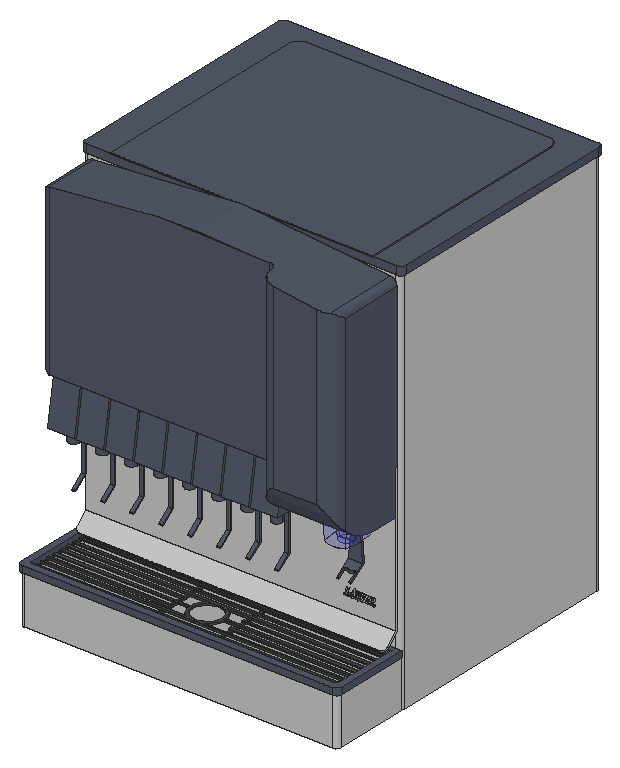
Revit family "QF_LANCER_SENSATION", category Specialty Equipment, Revit 2012
Parameters
  Weight in Pounds = 0
  Watts = 0 W
  Waste Water Discharge Temperature [instance] = -459.67 °F
  Volts = 115 V
  URL Cutsheet = "www.lancercorp.com"
  URL = "www.lancercorp.com"
  Type Mark [instance] = ""
  Status [instance] = ""
  Specification by User [instance] = ""
  Specification by Manufacturer = ""
  Show Clearance [instance] = yes
  Serial Number = ""
  Seismic Rating = ""
  SMACNA No = ""
  Revision Code [instance] = ""
  Plumbing Remarks [instance] = ""
  Plumbing Connection Type [instance] = ""
  Phase = 1
  Omniclass Number and Title = ""
  Number of Poles [instance] = 1
  NAFEM Spec ID Number = ""
  Model = "SENSATION"
  Min Ckt Ampacity = 0 A
  Max Overcurrent Protection = 0 A
  Masterspec = ""
  Manufacturer = "LANCER"
  Item Number [instance] = ""
  Installed By [instance] = ""
  Indirect Waste Size = 3/4"
  Indirect Waste Flow [instance] = 0 GPM
  Indirect Waste Connection Type [instance] = ""
  Indirect Waste Connection Height = 0"
  Identify Quantity as Lot [instance] = yes
  HP = ""
  Furnished By [instance] = ""
  Foodservice Equipment Identifier [instance] = yes
  FL Amps = 3 A
  Electrical Remarks [instance] = ""
  Electric Connection Type [instance] = ""
  Elec Conn RI Height [instance] = 0"
  Elec Conn Connection Height [instance] = 0"
  Description = "LANCER CHEWABLE ICE BEVERAGE DISPENSER"
  Cycle = 60 Hz
  Conn Plug = ""
  Conn Conduit = yes
  Cold Water Temperature Recommended [instance] = 0 °F
  Cold Water Size = 3/8"
  Cold Water RI Height [instance] = 0"
  Cold Water Minimum Pressure = 0.00 psi
  Cold Water Maximum Pressure = 0.00 psi
  Cold Water Flow [instance] = 0 GPM
  Cold Water Consumption = ""
  Cold Water Connection Height = 0"
  CSI MasterFormat = ""
  CSI Master Format = ""
  Apparent Power = if(Phase = 3, Volts * FL Amps * 1.73, Volts * FL Amps)  # 345 VA
Reference planes (in)
  plane 1 "BACK": y = 0
  plane 2: z = 0
  plane 3 "LEFT": x = 0
  plane 4 "RIGHT": x = 30
  plane 5 "FRONT": y = -31
  plane 6 "TOP": z = 37.25
  plane 7: x = 15
  plane 8: y = -15.5
  plane 9: y = -23.5
  plane 10: z = 5.125
  plane 11: z = 18.625
Forms (in)
  Extrusion 1, solid, material "QF_Finishes_Stainless Steel"
    sketch origin (0, 0, 0) x (1, 0, 0) y (0, 1, 0)
      loop
        line (0.625, -24) -> (0.625, -30.125)
        arc (0.625, -30.125) -> (0.69822, -30.30178) -> (0.875, -30.375) r 0.25
        line (0.875, -30.375) -> (29.125, -30.375)
        arc (29.125, -30.375) -> (29.30178, -30.30178) -> (29.375, -30.125) r 0.25
        line (29.375, -30.125) -> (29.375, -24) -> (0.625, -24)
    from 0 to 0.5
  Extrusion 2, solid, material "QF_Finishes_Navy Blue"
    sketch origin (-4.83017, -180, 5.125) x (-1, 0, 0) y (0, -1, 0)
      loop
        line (-4.83017, -156.5) -> (-4.83017, -149.5)
        arc (-4.83017, -149.5) -> (-4.97662, -149.14645) -> (-5.33017, -149) r 0.5
        line (-5.33017, -149) -> (-34.33017, -149)
        arc (-34.33017, -149) -> (-34.68372, -149.14645) -> (-34.83017, -149.5) r 0.5
        line (-34.83017, -149.5) -> (-34.83017, -156.5) -> (-4.83017, -156.5)
      loop
        line (-34.20517, -156) -> (-5.45517, -156) -> (-5.45517, -149.875)
        arc (-5.45517, -149.875) -> (-5.52839, -149.69822) -> (-5.70517, -149.625) r 0.25
        line (-5.70517, -149.625) -> (-33.95517, -149.625)
        arc (-33.95517, -149.625) -> (-34.13195, -149.69822) -> (-34.20517, -149.875) r 0.25
        line (-34.20517, -149.875) -> (-34.20517, -156)
    from 0 to -0.59152
  Extrusion 3, solid, material "QF_Finishes_Stainless Steel"
    sketch origin (0, 0, 0) x (1, 0, 0) y (0, 1, 0)
      loop
        arc (0.625, -0.125) -> (0.27145, -0.27145) -> (0.125, -0.625) r 0.5
        line (0.125, -0.625) -> (0.125, -23)
        arc (0.125, -23) -> (0.27145, -23.35355) -> (0.625, -23.5) r 0.5
        line (0.625, -23.5) -> (29.375, -23.5)
        arc (29.375, -23.5) -> (29.72855, -23.35355) -> (29.875, -23) r 0.5
        line (29.875, -23) -> (29.875, -0.625)
        arc (29.875, -0.625) -> (29.72855, -0.27145) -> (29.375, -0.125) r 0.5
        line (29.375, -0.125) -> (0.625, -0.125)
    from 0 to 36.41257
  Extrusion 4, solid, material "QF_Finishes_Navy Blue"
    sketch origin (0, 0, 36.41257) x (1, 0, 0) y (0, 1, 0)
      loop
        line (29.5, 0) -> (0.5, 0)
        arc (0.5, 0) -> (0.14645, -0.14645) -> (0, -0.5) r 0.5
        line (0, -0.5) -> (0, -23)
        arc (0, -23) -> (0.14645, -23.35355) -> (0.5, -23.5) r 0.5
        line (0.5, -23.5) -> (29.5, -23.5)
        arc (29.5, -23.5) -> (29.85355, -23.35355) -> (30, -23) r 0.5
        line (30, -23) -> (30, -0.5)
        arc (30, -0.5) -> (29.85355, -0.14645) -> (29.5, 0) r 0.5
    from 0 to 0.75
  Extrusion 5, solid, material "QF_Finishes_Stainless Steel"
    sketch origin (15, 11.66928, 48) x (0, 1, 0) y (0, 0, 1)
      loop
        line (-35.16928, -27.625) -> (-35.29428, -27.625) -> (-35.29428, -41.36988) -> (-36.2238, -42.2994) -> (-36.13541, -42.38779) -> (-35.16928, -41.42166) -> (-35.16928, -27.625)
    from -14.5 to 14.5
  Extrusion 6, solid, material "QF_Finishes_Stainless Steel"
    sketch origin (15, -24.55452, 5.7006) x (0, 0.707107, 0.707107) y (-1, 0, 0)
      loop
        arc (0, 14.5) -> (-0.35355, 14.35355) -> (-0.5, 14) r 0.5
        line (-0.5, 14) -> (-0.5, -14)
        arc (-0.5, -14) -> (-0.35355, -14.35355) -> (0, -14.5) r 0.5
        line (0, -14.5) -> (0, 14.5)
    from 0 to -0.125
  Extrusion 7, solid, material "QF_Finishes_Black"
    sketch origin (0, 0, 4.53348) x (1, 0, 0) y (0, 1, 0)
      loop
        line (0.625, -24) -> (0.625, -30.125)
        arc (0.625, -30.125) -> (0.69822, -30.30178) -> (0.875, -30.375) r 0.25
        line (0.875, -30.375) -> (29.125, -30.375)
        arc (29.125, -30.375) -> (29.30178, -30.30178) -> (29.375, -30.125) r 0.25
        line (29.375, -30.125) -> (29.375, -24) -> (0.625, -24)
      loop
        line (0.875, -24.25) -> (0.875, -30.125) -> (11.96044, -30.125) -> (11.96044, -24.25) -> (0.875, -24.25)
      loop
        line (17.78726, -30.125) -> (17.78726, -24.25) -> (12.21274, -24.25) -> (12.21274, -30.125) -> (17.78726, -30.125)
      loop
        line (29.125, -24.25) -> (18.03956, -24.25) -> (18.03956, -30.125) -> (29.125, -30.125) -> (29.125, -24.25)
    from 0 to 0.125
  Extrusion 8, solid, material "QF_Finishes_Black"
    sketch origin (0, 0, 4.65848) x (1, 0, 0) y (0, 1, 0)
      loop
        line (0.6875, -24.4375) -> (0.6875, -24.6875) -> (29.3125, -24.6875) -> (29.3125, -24.4375) -> (0.6875, -24.4375)
      loop
        line (0.6875, -25.1875) -> (0.6875, -25.4375) -> (14.88453, -25.4375) -> (29.3125, -25.4375) -> (29.3125, -25.1875) -> (15.35712, -25.1875) -> (0.6875, -25.1875)
      loop
        line (0.6875, -25.93032) -> (0.6875, -26.18032) -> (14.13851, -26.18032)
        arc (14.13851, -26.18032) -> (13.62085, -26.71026) -> (13.39544, -27.41595) r 1.60932
        line (13.39544, -27.41595) -> (0.6875, -27.41595) -> (0.6875, -27.66595) -> (13.39564, -27.66595)
        arc (13.39564, -27.66595) -> (13.62279, -28.37225) -> (14.14265, -28.90158) r 1.60932
        line (14.14265, -28.90158) -> (0.6875, -28.90158) -> (0.6875, -29.15158) -> (15, -29.15158) -> (29.3125, -29.15158) -> (29.3125, -28.90158) -> (15.85735, -28.90158)
        arc (15.85735, -28.90158) -> (16.37721, -28.37225) -> (16.60436, -27.66595) r 1.60932
        line (16.60436, -27.66595) -> (29.3125, -27.66595) -> (29.3125, -27.41595) -> (16.60456, -27.41595)
        arc (16.60456, -27.41595) -> (16.37915, -26.71026) -> (15.86149, -26.18032) r 1.60932
        line (15.86149, -26.18032) -> (29.3125, -26.18032) -> (29.3125, -25.93032) -> (15, -25.93032) -> (0.6875, -25.93032)
      loop
        line (0.6875, -26.67313) -> (0.6875, -26.92313) -> (12.30419, -26.92313) -> (12.30419, -26.67313) -> (0.6875, -26.67313)
      loop
        line (0.6875, -28.15877) -> (0.6875, -28.40877) -> (12.30419, -28.40877) -> (12.30419, -28.15877) -> (0.6875, -28.15877)
      loop
        line (0.6875, -29.6444) -> (0.6875, -29.8944) -> (15.08937, -29.8944) -> (29.3125, -29.8944) -> (29.3125, -29.6444) -> (14.75382, -29.6444) -> (0.6875, -29.6444)
      loop
        circle (15, -27.53964) r 1.35932
      loop
        line (29.3125, -26.67313) -> (17.69581, -26.67313) -> (17.69581, -26.92313) -> (29.3125, -26.92313) -> (29.3125, -26.67313)
      loop
        line (29.3125, -28.15877) -> (17.69581, -28.15877) -> (17.69581, -28.40877) -> (29.3125, -28.40877) -> (29.3125, -28.15877)
    from 0 to 0.125
  Extrusion 9, solid, material "QF_Finishes_Stainless Steel"
    sketch origin (0, 0, 0) x (1, 0, 0) y (0, 1, 0)
      loop
        line (0.125, -23.5) -> (0.125, -30.375)
        arc (0.125, -30.375) -> (0.27145, -30.72855) -> (0.625, -30.875) r 0.5
        line (0.625, -30.875) -> (29.375, -30.875)
        arc (29.375, -30.875) -> (29.72855, -30.72855) -> (29.875, -30.375) r 0.5
        line (29.875, -30.375) -> (29.875, -23.5) -> (0.125, -23.5)
      loop
        line (0.625, -24) -> (0.625, -30.125)
        arc (0.625, -30.125) -> (0.69822, -30.30178) -> (0.875, -30.375) r 0.25
        line (0.875, -30.375) -> (29.125, -30.375)
        arc (29.125, -30.375) -> (29.30178, -30.30178) -> (29.375, -30.125) r 0.25
        line (29.375, -30.125) -> (29.375, -24) -> (0.625, -24)
    from 0 to 4.53348
  Extrusion 10, solid, material "QF_Finishes_Navy Blue"
    sketch origin (-38.39759, -180, 37.25) x (-1, 0, 0) y (0, -1, 0)
      loop
        line (-38.89759, -156.5) -> (-38.89759, -152.01291)
        arc (-38.89759, -152.01291) -> (-39.11726, -151.48258) -> (-39.64759, -151.26291) r 0.75
        line (-39.64759, -151.26291) -> (-60.13468, -151.26291)
        arc (-60.13468, -151.26291) -> (-60.67414, -151.03946) -> (-60.89759, -150.5) r 0.76291
        arc (-60.89759, -150.5) -> (-61.33693, -149.43934) -> (-62.39759, -149) r 1.5
        line (-62.39759, -149) -> (-66.39759, -149)
        arc (-66.39759, -149) -> (-67.45825, -149.43934) -> (-67.89759, -150.5) r 1.5
        line (-67.89759, -150.5) -> (-67.89759, -156.5) -> (-38.89759, -156.5)
    from 0.35363 to -21.125
  Extrusion 11, solid, material "QF_Finishes_Navy Blue"
    sketch origin (0, 0, 37.16257) x (1, 0, 0) y (0, 1, 0)
      loop
        line (26.25, -1.75) -> (3.75, -1.75)
        arc (3.75, -1.75) -> (3.04289, -2.04289) -> (2.75, -2.75) r 1
        line (2.75, -2.75) -> (2.75, -23.5) -> (27.25, -23.5) -> (27.25, -2.75)
        arc (27.25, -2.75) -> (26.95711, -2.04289) -> (26.25, -1.75) r 1
    from 0 to 0.08743
  Extrusion 12, void
    sketch origin (0, -31, 0) x (-1, 0, 0) y (0, 0, 1)
      loop
        arc (-1.12277, 36.10968) -> (-0.67645, 35.85381) -> (-0.5, 35.37055) r 0.75
        line (-0.5, 35.37055) -> (-0.5, 34.79534) -> (0, 34.79534) -> (0, 39.79534) -> (-30, 39.79534) -> (-30, 34.79534) -> (-29.5, 34.79534) -> (-29.5, 35.37055)
        arc (-29.5, 35.37055) -> (-29.32355, 35.85381) -> (-28.87723, 36.10968) r 0.75
        arc (-28.87723, 36.10968) -> (-15, 37.29534) -> (-1.12277, 36.10968) r 81.80411
      loop
        line (-1.25, 20.375) -> (-21.5, 20.375)
        arc (-21.5, 20.375) -> (-22.20711, 20.08211) -> (-22.5, 19.375) r 1
        line (-22.5, 19.375) -> (-22.5, 16.125) -> (-0.5, 16.125) -> (-0.5, 21.125)
        arc (-0.5, 21.125) -> (-0.71967, 20.59467) -> (-1.25, 20.375) r 0.75
    from 0 to 7.5
  Extrusion 13, void
    sketch origin (30, 0, 0) x (0, -1, 0) y (0, 0, 1)
      loop
        line (23.5, 16.125) -> (23.5, 13.375) -> (33.25, 13.375) -> (33.25, 19.875) -> (31, 19.875)
        arc (31, 19.875) -> (29.125, 17.16667) -> (26, 16.125) r 5.20833
        line (26, 16.125) -> (23.5, 16.125)
    from 0 to 7.5
  Blend 14, solid, material "Glass"
    base sketch origin (15.05124, 0, -1.05967) x (1, 0, 0) y (0, 1, 0)
      loop
        line (12.03287, -23.21875) -> (9.96713, -23.21875)
        arc (9.96713, -23.21875) -> (9.79437, -24.82045) -> (10, -26.41827) r 6.85835
        arc (10, -26.41827) -> (11, -26.69108) -> (12, -26.41827) r 1.96919
        arc (12, -26.41827) -> (12.20563, -24.82045) -> (12.03287, -23.21875) r 6.85835
    top sketch origin (15.05124, 0, -1.05967) x (1, 0, 0) y (0, 1, 0)
      loop
        line (12.53753, -23.21875) -> (9.46247, -23.21875)
        arc (9.46247, -23.21875) -> (9.30335, -24.92716) -> (9.54461, -26.62593) r 7.35113
        arc (9.54461, -26.62593) -> (11, -27.11846) -> (12.45539, -26.62593) r 2.39657
        arc (12.45539, -26.62593) -> (12.69665, -24.92716) -> (12.53753, -23.21875) r 7.35113
    from 14.875 to 20.68815
  Revolve 15, solid, material "Glass"
    sketch origin (15.05124, -25, -1.05967) x (1, 0, 0) y (0, 0, 1)
      loop
        line (11, 20.27385) -> (11, 14.76752) -> (11.67263, 14.76752)
        arc (11.67263, 14.76752) -> (11.81786, 17.53473) -> (12.237, 20.27385) r 27.88536
        line (12.237, 20.27385) -> (11, 20.27385)
      axis (11, 14.76752) -> (11, 20.27385)
    angle from 0 to 360
  Extrusion 16, solid, material "QF_Finishes_Stainless Steel"
    sketch origin (15.05124, 0, -1.05967) x (1, 0, 0) y (0, 0, 1)
      loop
        line (10.02317, 14.875) -> (11.97683, 14.875) -> (12.58115, 20.68815) -> (9.41885, 20.68815) -> (10.02317, 14.875)
    from 23 to 23.21875
  Extrusion 17, solid, material "QF_Finishes_Navy Blue"
    sketch origin (0, 0, -0.18467) x (0, 1, 0) y (0, 0, 1)
      loop
        line (-27.44083, 19.80967) -> (-28.11716, 15.625) -> (-22.9375, 15.625) -> (-22.9375, 19.80967) -> (-27.44083, 19.80967)
    from 0.57258 to 3.07258
  Extrusion 18, solid, material "QF_Finishes_Navy Blue"
    sketch origin (0, 0, -1) x (1, 0, 0) y (0, 1, 0)
      loop
        circle (1.82258, -26.65163) r 0.5
    from 15.19033 to 16.44033
  Sweep 19, solid, material "QF_Finishes_Navy Blue"
    path origin (0, 0, -1) x (0, 1, 0) y (0, 0, 1)
      loop
        line (-25.46144, 16.44033) -> (-25.46144, 11.90908) -> (-26.65939, 11.00636)
    profile origin (0, -25.46144, 13.17471) x (1, 0, 0) y (0, 1, 0)
      loop
        line (1.63508, 0) -> (1.63508, -0.0625) -> (2.01008, -0.0625) -> (2.01008, 0) -> (1.63508, 0)
  Extrusion 20, solid, material "QF_Finishes_Navy Blue"
    sketch origin (10.81131, 0, -2.625) x (0, 1, 0) y (0, 0, 1)
      loop
        line (-24, 16.44033) -> (-24, 14.07158) -> (-25.43906, 13.10092) -> (-25.36916, 12.99729) -> (-23.875, 14.00511) -> (-23.875, 16.44033) -> (-24, 16.44033)
    from 14.59375 to 15.90625
  Extrusion 21, void
    sketch origin (15.05124, 0, -2.625) x (1, 0, 0) y (0, 1, 0)
      loop
        line (10.50557, -25.47981) -> (11.49443, -25.47981) -> (11.5317, -24.76869)
        arc (11.5317, -24.76869) -> (11.46175, -24.63985) -> (11.31519, -24.64369) r 0.14029
        arc (11.31519, -24.64369) -> (11, -24.73706) -> (10.68481, -24.64369) r 0.57872
        arc (10.68481, -24.64369) -> (10.53825, -24.63985) -> (10.4683, -24.76869) r 0.14029
        line (10.4683, -24.76869) -> (10.50557, -25.47981)
    from 12.74241 to 14.39164
  Extrusion 22, void
    sketch origin (15.05124, 0, -2.625) x (1, 0, 0) y (0, 0, 1)
      loop
        line (10.34491, 14.08822) -> (10.50939, 16.44033) -> (10.19702, 16.44033) -> (10.19702, 14.08822) -> (10.34491, 14.08822)
      loop
        line (11.65509, 14.08822) -> (11.80298, 14.08822) -> (11.80298, 16.44033) -> (11.49061, 16.44033) -> (11.65509, 14.08822)
    from 23.83187 to 24.10002
  Extrusion 23, solid, material "QF_Finishes_Stainless Steel"
    sketch origin (0.1875, 0, 1.69033) x (0, -1, 0) y (0, 0, 1)
      loop
        circle (21.79517, 20.31108) r 0.5
    from 0 to 0.0625
  Extrusion 24, solid, material "QF_Finishes_Navy Blue"
    sketch origin (19, 0, -0.18467) x (0, 1, 0) y (0, 0, 1)
      loop
        line (-27.44083, 19.80967) -> (-28.11716, 15.625) -> (-22.9375, 15.625) -> (-22.9375, 19.80967) -> (-27.44083, 19.80967)
    from 0.57258 to 3.07258
  Extrusion 25, solid, material "QF_Finishes_Navy Blue"
    sketch origin (19, 0, -1) x (1, 0, 0) y (0, 1, 0)
      loop
        circle (1.82258, -26.65163) r 0.5
    from 15.19033 to 16.44033
  Sweep 26, solid, material "QF_Finishes_Navy Blue"
    path origin (19, 0, -1) x (0, 1, 0) y (0, 0, 1)
      loop
        line (-25.46144, 16.44033) -> (-25.46144, 11.90908) -> (-26.65939, 11.00636)
    profile origin (19, -25.46144, 13.17471) x (1, 0, 0) y (0, 1, 0)
      loop
        line (1.63508, 0) -> (1.63508, -0.0625) -> (2.01008, -0.0625) -> (2.01008, 0) -> (1.63508, 0)
  Extrusion 27, solid, material "QF_Finishes_Navy Blue"
    sketch origin (2.71429, 0, -0.18467) x (0, 1, 0) y (0, 0, 1)
      loop
        line (-27.44083, 19.80967) -> (-28.11716, 15.625) -> (-22.9375, 15.625) -> (-22.9375, 19.80967) -> (-27.44083, 19.80967)
    from 0.57258 to 3.07258
  Extrusion 28, solid, material "QF_Finishes_Navy Blue"
    sketch origin (2.71429, 0, -1) x (1, 0, 0) y (0, 1, 0)
      loop
        circle (1.82258, -26.65163) r 0.5
    from 15.19033 to 16.44033
  Sweep 29, solid, material "QF_Finishes_Navy Blue"
    path origin (2.71429, 0, -1) x (0, 1, 0) y (0, 0, 1)
      loop
        line (-25.46144, 16.44033) -> (-25.46144, 11.90908) -> (-26.65939, 11.00636)
    profile origin (2.71429, -25.46144, 13.17471) x (1, 0, 0) y (0, 1, 0)
      loop
        line (1.63508, 0) -> (1.63508, -0.0625) -> (2.01008, -0.0625) -> (2.01008, 0) -> (1.63508, 0)
  Extrusion 30, solid, material "QF_Finishes_Navy Blue"
    sketch origin (5.42857, 0, -0.18467) x (0, 1, 0) y (0, 0, 1)
      loop
        line (-27.44083, 19.80967) -> (-28.11716, 15.625) -> (-22.9375, 15.625) -> (-22.9375, 19.80967) -> (-27.44083, 19.80967)
    from 0.57258 to 3.07258
  Extrusion 31, solid, material "QF_Finishes_Navy Blue"
    sketch origin (5.42857, 0, -1) x (1, 0, 0) y (0, 1, 0)
      loop
        circle (1.82258, -26.65163) r 0.5
    from 15.19033 to 16.44033
  Sweep 32, solid, material "QF_Finishes_Navy Blue"
    path origin (5.42857, 0, -1) x (0, 1, 0) y (0, 0, 1)
      loop
        line (-25.46144, 16.44033) -> (-25.46144, 11.90908) -> (-26.65939, 11.00636)
    profile origin (5.42857, -25.46144, 13.17471) x (1, 0, 0) y (0, 1, 0)
      loop
        line (1.63508, 0) -> (1.63508, -0.0625) -> (2.01008, -0.0625) -> (2.01008, 0) -> (1.63508, 0)
  Extrusion 33, solid, material "QF_Finishes_Navy Blue"
    sketch origin (8.14286, 0, -0.18467) x (0, 1, 0) y (0, 0, 1)
      loop
        line (-27.44083, 19.80967) -> (-28.11716, 15.625) -> (-22.9375, 15.625) -> (-22.9375, 19.80967) -> (-27.44083, 19.80967)
    from 0.57258 to 3.07258
  Extrusion 34, solid, material "QF_Finishes_Navy Blue"
    sketch origin (8.14286, 0, -1) x (1, 0, 0) y (0, 1, 0)
      loop
        circle (1.82258, -26.65163) r 0.5
    from 15.19033 to 16.44033
  Sweep 35, solid, material "QF_Finishes_Navy Blue"
    path origin (8.14286, 0, -1) x (0, 1, 0) y (0, 0, 1)
      loop
        line (-25.46144, 16.44033) -> (-25.46144, 11.90908) -> (-26.65939, 11.00636)
    profile origin (8.14286, -25.46144, 13.17471) x (1, 0, 0) y (0, 1, 0)
      loop
        line (1.63508, 0) -> (1.63508, -0.0625) -> (2.01008, -0.0625) -> (2.01008, 0) -> (1.63508, 0)
  Extrusion 36, solid, material "QF_Finishes_Navy Blue"
    sketch origin (10.85714, 0, -0.18467) x (0, 1, 0) y (0, 0, 1)
      loop
        line (-27.44083, 19.80967) -> (-28.11716, 15.625) -> (-22.9375, 15.625) -> (-22.9375, 19.80967) -> (-27.44083, 19.80967)
    from 0.57258 to 3.07258
  Extrusion 37, solid, material "QF_Finishes_Navy Blue"
    sketch origin (10.85714, 0, -1) x (1, 0, 0) y (0, 1, 0)
      loop
        circle (1.82258, -26.65163) r 0.5
    from 15.19033 to 16.44033
  Sweep 38, solid, material "QF_Finishes_Navy Blue"
    path origin (10.85714, 0, -1) x (0, 1, 0) y (0, 0, 1)
      loop
        line (-25.46144, 16.44033) -> (-25.46144, 11.90908) -> (-26.65939, 11.00636)
    profile origin (10.85714, -25.46144, 13.17471) x (1, 0, 0) y (0, 1, 0)
      loop
        line (1.63508, 0) -> (1.63508, -0.0625) -> (2.01008, -0.0625) -> (2.01008, 0) -> (1.63508, 0)
  Extrusion 39, solid, material "QF_Finishes_Navy Blue"
    sketch origin (13.57143, 0, -0.18467) x (0, 1, 0) y (0, 0, 1)
      loop
        line (-27.44083, 19.80967) -> (-28.11716, 15.625) -> (-22.9375, 15.625) -> (-22.9375, 19.80967) -> (-27.44083, 19.80967)
    from 0.57258 to 3.07258
  Extrusion 40, solid, material "QF_Finishes_Navy Blue"
    sketch origin (13.57143, 0, -1) x (1, 0, 0) y (0, 1, 0)
      loop
        circle (1.82258, -26.65163) r 0.5
    from 15.19033 to 16.44033
  Sweep 41, solid, material "QF_Finishes_Navy Blue"
    path origin (13.57143, 0, -1) x (0, 1, 0) y (0, 0, 1)
      loop
        line (-25.46144, 16.44033) -> (-25.46144, 11.90908) -> (-26.65939, 11.00636)
    profile origin (13.57143, -25.46144, 13.17471) x (1, 0, 0) y (0, 1, 0)
      loop
        line (1.63508, 0) -> (1.63508, -0.0625) -> (2.01008, -0.0625) -> (2.01008, 0) -> (1.63508, 0)
  Extrusion 42, solid, material "QF_Finishes_Navy Blue"
    sketch origin (16.28571, 0, -0.18467) x (0, 1, 0) y (0, 0, 1)
      loop
        line (-27.44083, 19.80967) -> (-28.11716, 15.625) -> (-22.9375, 15.625) -> (-22.9375, 19.80967) -> (-27.44083, 19.80967)
    from 0.57258 to 3.07258
  Extrusion 43, solid, material "QF_Finishes_Navy Blue"
    sketch origin (16.28571, 0, -1) x (1, 0, 0) y (0, 1, 0)
      loop
        circle (1.82258, -26.65163) r 0.5
    from 15.19033 to 16.44033
  Sweep 44, solid, material "QF_Finishes_Navy Blue"
    path origin (16.28571, 0, -1) x (0, 1, 0) y (0, 0, 1)
      loop
        line (-25.46144, 16.44033) -> (-25.46144, 11.90908) -> (-26.65939, 11.00636)
    profile origin (16.28571, -25.46144, 13.17471) x (1, 0, 0) y (0, 1, 0)
      loop
        line (1.63508, 0) -> (1.63508, -0.0625) -> (2.01008, -0.0625) -> (2.01008, 0) -> (1.63508, 0)
  Extrusion 45, solid, material "QF_Finishes_Stainless Steel"
    sketch origin (0.625, -0.125, 0) x (1, 0, 0) y (0, 0, -1)
      loop
        circle (14.375, -18.625) r 0.25
    from 0 to 0.0625
  Extrusion 46, solid, material "QF_Finishes_Stainless Steel"
    sketch origin (0, 0, 0) x (0, 1, 0) y (1, 0, 0)
      loop
        circle (-27, 15.00073) r 0.375
    from 0 to 0.0625
  Extrusion 47, solid, material "QF_Finishes_Stainless Steel"
    sketch origin (14.25506, -0.125, -17.375) x (1, 0, 0) y (0, 0, -1)
      loop
        circle (14.375, -18.625) r 0.1875
    from 0 to 0.0625
Cuts and joins
  Extrusion 13 cuts Extrusion 6
  joined: Extrusion 5, Extrusion 6
  Extrusion 12, Extrusion 13 cuts Extrusion 3
  Extrusion 12 cuts Extrusion 4
  Extrusion 12, Extrusion 13 cuts Extrusion 10
  Extrusion 12 cuts Extrusion 11
  Extrusion 21, Extrusion 22 cuts Extrusion 20
  Extrusion 22 cuts Blend 14
Lines and regions (in)
  Split face 1
    outline origin (1.125, -28.73709, 37.60363) x (0, 0, -1) y (1, 0, 0)
      loop
        line (15.2698, 1.5) -> (15.2698, 19.11209)
        arc (15.2698, 19.11209) -> (15.05013, 19.64242) -> (14.5198, 19.86209) r 0.75
        line (14.5198, 19.86209) -> (3.0158, 19.86209)
        arc (3.0158, 19.86209) -> (2.50262, 19.65904) -> (2.26732, 19.15983) r 0.75
        arc (2.26732, 19.15983) -> (2.08138, 10.28146) -> (2.6545, 1.41965) r 103.86621
        arc (2.6545, 1.41965) -> (2.89907, 0.94198) -> (3.40019, 0.75) r 0.75
        line (3.40019, 0.75) -> (14.5198, 0.75)
        arc (14.5198, 0.75) -> (15.05013, 0.96967) -> (15.2698, 1.5) r 0.75
  Split face 2
    outline origin (24, -31, 37.60363) x (0, 0, -1) y (1, 0, 0)
      loop
        line (17.35363, 0.76999) -> (17.35363, 3.33249)
        arc (17.35363, 3.33249) -> (17.2804, 3.50926) -> (17.10363, 3.58249) r 0.25
        line (17.10363, 3.58249) -> (3.16022, 3.58249)
        arc (3.16022, 3.58249) -> (2.99616, 3.52113) -> (2.91264, 3.36718) r 0.25
        line (2.91264, 3.36718) -> (2.55355, 0.80468)
        arc (2.55355, 0.80468) -> (2.61249, 0.60593) -> (2.80114, 0.51999) r 0.25
        line (2.80114, 0.51999) -> (17.10363, 0.51999)
        arc (17.10363, 0.51999) -> (17.2804, 0.59321) -> (17.35363, 0.76999) r 0.25
  Split face 3
    outline origin (3.64516, -27.34912, 20.19242) x (0, -0.159551, -0.98719) y (1, 0, 0)
      loop
        line (3.50126, -3.01008) -> (3.50126, -0.63508) -> (0.63729, -0.63508) -> (0.63729, -3.01008) -> (3.50126, -3.01008)
  Split face 4
    outline origin (22.64516, -27.34912, 20.19242) x (0, -0.159551, -0.98719) y (1, 0, 0)
      loop
        line (3.50126, -3.01008) -> (3.50126, -0.63508) -> (0.63729, -0.63508) -> (0.63729, -3.01008) -> (3.50126, -3.01008)
  Split face 5
    outline origin (6.35944, -27.34912, 20.19242) x (0, -0.159551, -0.98719) y (1, 0, 0)
      loop
        line (3.50126, -3.01008) -> (3.50126, -0.63508) -> (0.63729, -0.63508) -> (0.63729, -3.01008) -> (3.50126, -3.01008)
  Split face 6
    outline origin (9.07373, -27.34912, 20.19242) x (0, -0.159551, -0.98719) y (1, 0, 0)
      loop
        line (3.50126, -3.01008) -> (3.50126, -0.63508) -> (0.63729, -0.63508) -> (0.63729, -3.01008) -> (3.50126, -3.01008)
  Split face 7
    outline origin (11.78801, -27.34912, 20.19242) x (0, -0.159551, -0.98719) y (1, 0, 0)
      loop
        line (3.50126, -3.01008) -> (3.50126, -0.63508) -> (0.63729, -0.63508) -> (0.63729, -3.01008) -> (3.50126, -3.01008)
  Split face 8
    outline origin (14.5023, -27.34912, 20.19242) x (0, -0.159551, -0.98719) y (1, 0, 0)
      loop
        line (3.50126, -3.01008) -> (3.50126, -0.63508) -> (0.63729, -0.63508) -> (0.63729, -3.01008) -> (3.50126, -3.01008)
  Split face 9
    outline origin (17.21658, -27.34912, 20.19242) x (0, -0.159551, -0.98719) y (1, 0, 0)
      loop
        line (3.50126, -3.01008) -> (3.50126, -0.63508) -> (0.63729, -0.63508) -> (0.63729, -3.01008) -> (3.50126, -3.01008)
  Split face 10
    outline origin (19.93087, -27.34912, 20.19242) x (0, -0.159551, -0.98719) y (1, 0, 0)
      loop
        line (3.50126, -3.01008) -> (3.50126, -0.63508) -> (0.63729, -0.63508) -> (0.63729, -3.01008) -> (3.50126, -3.01008)
  symbolic lines
    curve 1: line (0.5, -31, 5.125) -> (30, -31, 5.125)
    curve 2: line (0, -0.5, 5.125) -> (0, -23, 5.125)
    curve 3: line (30, -31, 5.125) -> (30, -23.5, 5.125)
    curve 4: arc (0.5, 0, 5.125) -> (0.14645, -0.14645, 5.125) -> (0, -0.5, 5.125) r 0.5
    curve 5: arc (30, -0.5, 5.125) -> (29.85355, -0.14645, 5.125) -> (29.5, 0, 5.125) r 0.5
    curve 6: line (30, -23.5, 5.125) -> (0, -23.5, 5.125)
    curve 7: arc (3.5, -1.75, 5.125) -> (2.96967, -1.96967, 5.125) -> (2.75, -2.5, 5.125) r 0.75
    curve 8: line (2.75, -2.5, 5.125) -> (2.75, -23.5, 5.125)
    curve 9: line (26.5, -1.75, 5.125) -> (3.5, -1.75, 5.125)
    curve 10: arc (27.25, -2.5, 5.125) -> (27.03033, -1.96967, 5.125) -> (26.5, -1.75, 5.125) r 0.75
    curve 11: line (27.25, -23.5, 5.125) -> (27.25, -2.5, 5.125)
    curve 12: arc (0, -23, 5.125) -> (0.14645, -23.35355, 5.125) -> (0.5, -23.5, 5.125) r 0.5
    curve 13: arc (29.5, -23.5, 5.125) -> (29.85355, -23.35355, 5.125) -> (30, -23, 5.125) r 0.5
    curve 14: line (0, -23.5, 5.125) -> (0, -30.5, 5.125)
    curve 15: line (30, -23, 5.125) -> (30, -0.5, 5.125)
    curve 16: arc (0, -30.5, 5.125) -> (0.14645, -30.85355, 5.125) -> (0.5, -31, 5.125) r 0.5
    curve 17: line (0.5, -23.5, 5.125) -> (0.5, -27.98709, 5.125)
    curve 18: arc (0.5, -27.98709, 5.125) -> (0.71967, -28.51742, 5.125) -> (1.25, -28.73709, 5.125) r 0.75
    curve 19: line (1.25, -28.73709, 5.125) -> (21.73709, -28.73709, 5.125)
    curve 20: arc (21.73709, -28.73709, 5.125) -> (22.27655, -28.96054, 5.125) -> (22.5, -29.5, 5.125) r 0.76291
    curve 21: arc (22.5, -29.5, 5.125) -> (22.93934, -30.56066, 5.125) -> (24, -31, 5.125) r 1.5
    curve 22: line (0.5, 0, 5.125) -> (29.5, 0, 5.125)
    curve 23: arc (28, -31, 5.125) -> (29.06066, -30.56066, 5.125) -> (29.5, -29.5, 5.125) r 1.5
    curve 24: line (29.5, -29.5, 5.125) -> (29.5, -23.5, 5.125)
Dimensions and locks (in)
  plane 3 "LEFT" to plane 4 "RIGHT" = 30"
  plane 5 "FRONT" to plane 1 "BACK" = 31"
  equal spacing: plane 3 "LEFT", plane 7, plane 4 "RIGHT"
  equal spacing: plane 5 "FRONT", plane 8, plane 1 "BACK"
  plane 6 "TOP" to level = 37 1/4"
  plane 10 to level = 5 1/8"
  plane 1 "BACK" to plane 9 = 23 1/2"
  equal spacing: plane 6 "TOP", plane 11, level
  aligned and locked: level to plane 2
Automatic sketch dimensions
  plane 3 "LEFT" to Extrusion 1 sketch curve = 5/8"
  Extrusion 1 sketch curve to Extrusion 1 sketch curve = 1/4"
  plane 4 "RIGHT" to Extrusion 1 sketch curve = 7/8"
  plane 4 "RIGHT" to Extrusion 1 sketch curve = 5/8"
  Extrusion 1 sketch curve to plane 5 "FRONT" = 5/8"
  Extrusion 1 sketch curve to plane 9 = 1/2"
  Extrusion 2 sketch curve to plane 4 "RIGHT" = 0"
  plane 5 "FRONT" to Extrusion 2 sketch curve = 0"
  Extrusion 2 sketch curve to plane 3 "LEFT" = 0"
  Extrusion 2 sketch curve to plane 9 = 0"
  plane 4 "RIGHT" to Extrusion 2 sketch curve = 1/2"
  Extrusion 2 sketch curve to Extrusion 2 sketch curve = 1/8"
  Extrusion 2 sketch curve to Extrusion 2 sketch curve = 1/4"
  plane 3 "LEFT" to Extrusion 2 sketch curve = 7/8"
  plane 3 "LEFT" to Extrusion 2 sketch curve = 5/8"
  plane 3 "LEFT" to Extrusion 2 sketch curve = 1/2"
  Extrusion 2 sketch curve to plane 9 = 1/2"
  Extrusion 2 sketch curve to Extrusion 2 sketch curve = 3/8"
  Extrusion 3 sketch curve to plane 9 = 0"
  plane 3 "LEFT" to Extrusion 3 sketch curve = 1/8"
  plane 3 "LEFT" to Extrusion 3 sketch curve = 5/8"  (x2)
  plane 1 "BACK" to Extrusion 3 sketch curve = 1/8"
  plane 4 "RIGHT" to Extrusion 3 sketch curve = 5/8"  (x2)
  plane 4 "RIGHT" to Extrusion 3 sketch curve = 1/8"
  Extrusion 4 sketch curve to Extrusion 3 = 0"
  Extrusion 3 to Extrusion 4 sketch curve = 1/8"  (x3)
  Extrusion 4 sketch curve to Extrusion 3 = 3/8"  (x4)
  Extrusion 5 sketch curve to plane 9 = 0"
  Extrusion 5 sketch curve to plane 9 = 1/8"
  plane 10 to Extrusion 5 sketch curve = 0.48721"
  Extrusion 5 sketch curve to plane 9 = 0.96613"
  plane 10 to Extrusion 5 sketch curve = 0.5756"
  Extrusion 5 sketch curve to Extrusion 5 sketch curve = 0.08839"
  plane 11 to Extrusion 5 sketch curve = 1 3/4"
  Extrusion 6 sketch curve to Extrusion 5 = 0"  (x3)
  Extrusion 5 to Extrusion 6 sketch curve = 1/2"
  plane 3 "LEFT" to Extrusion 7 sketch curve = 5/8"
  Extrusion 7 sketch curve to Extrusion 7 sketch curve = 1/4"  (x3)
  Extrusion 7 sketch curve to Extrusion 7 sketch curve = 0"  (x4)
  Extrusion 7 sketch curve to plane 9 = 3/4"  (x3)
  Extrusion 7 sketch curve to plane 7 = 3.03956"
  Extrusion 7 sketch curve to Extrusion 7 sketch curve = 0.2523"  (x2)
  plane 7 to Extrusion 7 sketch curve = 2.78726"
  plane 4 "RIGHT" to Extrusion 7 sketch curve = 7/8"
  Extrusion 7 sketch curve to plane 5 "FRONT" = 7/8"  (x2)
  Extrusion 8 sketch curve to Extrusion 8 sketch curve = 0"  (x20)
  Extrusion 8 sketch curve to Extrusion 7 = 1/16"  (x16)
  Extrusion 7 to Extrusion 8 sketch curve = 0.09145"  (x4)
  Extrusion 7 to Extrusion 8 sketch curve = 1.1827"
  Extrusion 8 sketch curve to Extrusion 8 sketch curve = 0.0002"  (x2)
  Extrusion 8 sketch curve to Extrusion 8 sketch curve = 0.74308"
  Extrusion 8 sketch curve to Extrusion 8 sketch curve = 0.74701"
  Extrusion 7 to Extrusion 8 sketch curve = 0.4806"
  Extrusion 8 sketch curve to Extrusion 8 sketch curve = 0.61117"
  Extrusion 8 sketch curve to Extrusion 8 sketch curve = 0.74602"
  Extrusion 8 sketch curve to Extrusion 8 sketch curve = 0.86149"  (x2)
  Extrusion 8 sketch curve to Extrusion 8 sketch curve = 0.24618"
  Extrusion 8 sketch curve to Extrusion 8 sketch curve = 0.11547"
  Extrusion 8 sketch curve to Extrusion 8 sketch curve = 0.33555"
  Extrusion 8 sketch curve to Extrusion 8 sketch curve = 0.47259"
  Extrusion 8 sketch curve to Extrusion 8 sketch curve = 0.85735"
  Extrusion 7 to Extrusion 8 sketch curve = 1.1829"
  Extrusion 7 to Extrusion 8 sketch curve = 0.2306"
  Extrusion 8 sketch curve to Extrusion 8 sketch curve = 0.49282"  (x5)
  Extrusion 8 sketch curve to Extrusion 8 sketch curve = 1/4"  (x10)
  Extrusion 7 to Extrusion 8 sketch curve = 1.71623"  (x2)
  Extrusion 7 to Extrusion 8 sketch curve = 7/16"
  Extrusion 7 to Extrusion 8 sketch curve = 3/16"
  curve 15 to plane 4 "RIGHT" = 0"
  curve 1 to plane 4 "RIGHT" = 0"
  plane 1 "BACK" to curve 5 = 0"
  curve 13 to plane 9 = 0"
  plane 5 "FRONT" to curve 23 = 0"
  curve 14 to plane 3 "LEFT" = 0"
  curve 12 to plane 3 "LEFT" = 0"
  curve 5 to curve 5 = 1/2"
  plane 4 "RIGHT" to curve 23 = 1/2"
  plane 4 "RIGHT" to curve 13 = 1/2"
  curve 23 to curve 23 = 1 1/2"
  plane 4 "RIGHT" to curve 11 = 2 3/4"
  curve 11 to curve 9 = 3/4"
  curve 23 to curve 21 = 4"
  curve 21 to curve 21 = 1 1/2"
  curve 20 to curve 21 = 0"
  curve 21 to curve 20 = 0.76291"
  plane 3 "LEFT" to curve 7 = 3 1/2"
  curve 7 to curve 8 = 3/4"
  plane 3 "LEFT" to curve 18 = 1 1/4"
  plane 3 "LEFT" to curve 17 = 1/2"
  plane 3 "LEFT" to curve 16 = 1/2"
  plane 3 "LEFT" to curve 4 = 1/2"
  curve 12 to curve 17 = 0"
  plane 1 "BACK" to curve 7 = 1 3/4"
  Extrusion 9 sketch curve to plane 9 = 0"
  plane 3 "LEFT" to Extrusion 9 sketch curve = 1/8"
  Extrusion 9 sketch curve to Extrusion 9 sketch curve = 1/2"
  Extrusion 9 sketch curve to Extrusion 9 sketch curve = 0"  (x2)
  Extrusion 9 sketch curve to Extrusion 9 sketch curve = 1/4"  (x2)
  plane 4 "RIGHT" to Extrusion 9 sketch curve = 7/8"
  plane 4 "RIGHT" to Extrusion 9 sketch curve = 5/8"
  plane 4 "RIGHT" to Extrusion 9 sketch curve = 1/8"
  Extrusion 9 sketch curve to plane 9 = 1/2"
  Extrusion 9 sketch curve to plane 5 "FRONT" = 7/8"
  Extrusion 10 sketch curve to plane 9 = 0"
  plane 5 "FRONT" to Extrusion 10 sketch curve = 0"
  plane 4 "RIGHT" to Extrusion 10 sketch curve = 1/2"
  plane 4 "RIGHT" to Extrusion 10 sketch curve = 2"
  Extrusion 10 sketch curve to Extrusion 10 sketch curve = 4"
  Extrusion 10 sketch curve to Extrusion 10 sketch curve = 1 1/2"
  Extrusion 10 sketch curve to Extrusion 10 sketch curve = 0"
  Extrusion 10 sketch curve to Extrusion 10 sketch curve = 0.76291"
  plane 3 "LEFT" to Extrusion 10 sketch curve = 1 1/4"
  plane 3 "LEFT" to Extrusion 10 sketch curve = 1/2"
  Extrusion 4 to Extrusion 11 sketch curve = 0"
  Extrusion 11 sketch curve to Extrusion 4 = 2 3/4"  (x2)
  Extrusion 11 sketch curve to Extrusion 11 sketch curve = 1"
  Extrusion 11 sketch curve to Extrusion 4 = 1 3/4"
  Extrusion 11 sketch curve to Extrusion 4 = 3 3/4"
  plane 4 "RIGHT" to Extrusion 12 sketch curve = 0"
  Extrusion 12 sketch curve to plane 7 = 0"
  Extrusion 12 sketch curve to plane 3 "LEFT" = 0"
  plane 4 "RIGHT" to Extrusion 12 sketch curve = 1/2"
  Extrusion 12 sketch curve to Extrusion 12 sketch curve = 0.62277"
  Extrusion 12 sketch curve to Extrusion 12 sketch curve = 0"  (x4)
  Extrusion 12 sketch curve to Extrusion 12 sketch curve = 0.12723"  (x2)
  plane 4 "RIGHT" to Extrusion 12 sketch curve = 7 1/2"
  Extrusion 12 sketch curve to Extrusion 12 sketch curve = 1"
  plane 3 "LEFT" to Extrusion 12 sketch curve = 1 1/4"  (x2)
  plane 3 "LEFT" to Extrusion 12 sketch curve = 1/2"
  Extrusion 12 sketch curve to level = 44.50877"
  Extrusion 12 sketch curve to plane 11 = 2 1/2"
  plane 11 to Extrusion 12 sketch curve = 3/4"
  Extrusion 12 sketch curve to Extrusion 12 sketch curve = 0.57521"  (x2)
  plane 6 "TOP" to Extrusion 12 sketch curve = 2.54534"
  Extrusion 13 sketch curve to plane 9 = 0"
  Extrusion 13 sketch curve to plane 5 "FRONT" = 0"
  Extrusion 13 sketch curve to plane 9 = 2 1/2"
  plane 11 to Extrusion 13 sketch curve = 1 1/4"
  Extrusion 13 sketch curve to Extrusion 13 sketch curve = 2 1/4"
  Extrusion 13 sketch curve to plane 11 = 2 1/2"
  Extrusion 13 sketch curve to plane 11 = 5 1/4"
  Split face 1 sketch curve to cut or joined group of Extrusion 10, Extrusion 12, Extrusion 13 = 1.45226"
  cut or joined group of Extrusion 10, Extrusion 12, Extrusion 13 to Split face 1 sketch curve = 14.96131"
  Split face 1 sketch curve to Split face 1 sketch curve = 0"  (x2)
  cut or joined group of Extrusion 10, Extrusion 12, Extrusion 13 to Split face 1 sketch curve = 1.29465"
  cut or joined group of Extrusion 10, Extrusion 12, Extrusion 13 to Split face 1 sketch curve = 14.57412"
  Split face 1 sketch curve to cut or joined group of Extrusion 10, Extrusion 12, Extrusion 13 = 3/4"
  Split face 1 sketch curve to Split face 1 sketch curve = 0.74848"
  cut or joined group of Extrusion 10, Extrusion 12, Extrusion 13 to Split face 1 sketch curve = 5/8"
  cut or joined group of Extrusion 10, Extrusion 12, Extrusion 13 to Split face 1 sketch curve = 2.70883"  (x2)
  cut or joined group of Extrusion 10, Extrusion 12, Extrusion 13 to Split face 1 sketch curve = 1 3/8"
  cut or joined group of Extrusion 10, Extrusion 12, Extrusion 13 to Split face 2 sketch curve = 103/128"
  Split face 2 sketch curve to cut or joined group of Extrusion 10, Extrusion 12, Extrusion 13 = 15.17507"
  Split face 2 sketch curve to Split face 2 sketch curve = 0.24758"  (x2)
  Split face 2 sketch curve to cut or joined group of Extrusion 10, Extrusion 12, Extrusion 13 = 81/128"
  Split face 2 sketch curve to Split face 2 sketch curve = 0.35908"
  Split face 2 sketch curve to cut or joined group of Extrusion 10, Extrusion 12, Extrusion 13 = 5/8"  (x2)
  Split face 2 sketch curve to Split face 2 sketch curve = 1/4"
  Split face 2 sketch curve to Split face 2 sketch curve = 0.03469"
  Split face 2 sketch curve to cut or joined group of Extrusion 10, Extrusion 12, Extrusion 13 = 0.66751"
  Blend 14 sketch curve to plane 9 = 1 1/4"  (x4)
  plane 7 to Blend 14 sketch curve = 5.39888"  (x2)
  plane 9 to Blend 14 sketch curve = 9/32"  (x2)
  Blend 14 sketch curve to Blend 14 sketch curve = 4.61948"
  Blend 14 sketch curve to Blend 14 sketch curve = 0.03287"
  Blend 14 sketch curve to plane 9 = 1.22189"  (x2)
  Blend 14 sketch curve to Blend 14 sketch curve = 1.03287"  (x2)
  Blend 14 sketch curve to Blend 14 sketch curve = 1"
  Blend 14 sketch curve to Blend 14 sketch curve = 4.11482"
  Blend 14 sketch curve to Blend 14 sketch curve = 0.08214"
  Blend 14 sketch curve to Blend 14 sketch curve = 1.53753"  (x2)
  Blend 14 sketch curve to Blend 14 sketch curve = 1.45539"
  plane 11 to Revolve 15 sketch curve = 0.58919"
  plane 4 "RIGHT" to Revolve 15 sketch curve = 3.94876"
  Revolve 15 sketch curve to Revolve 15 sketch curve = 0"
  Revolve 15 sketch curve to Revolve 15 sketch curve = 0.67263"
  Revolve 15 sketch curve to Revolve 15 sketch curve = 1.237"
  Revolve 15 sketch curve to plane 11 = 4.99316"
  Revolve 15 sketch curve to Revolve 15 sketch curve = 27.32088"
  Revolve 15 sketch curve to Revolve 15 sketch curve = 0.56185"
  Revolve 15 sketch curve to Revolve 15 sketch curve = 0.35477"
  plane 11 to Extrusion 16 sketch curve = 1.00348"
  plane 4 "RIGHT" to Extrusion 16 sketch curve = 5.52991"
  plane 4 "RIGHT" to Extrusion 16 sketch curve = 4.92559"
  Extrusion 16 sketch curve to Extrusion 16 sketch curve = 1.95366"
  plane 4 "RIGHT" to Extrusion 16 sketch curve = 2.36761"
  Extrusion 16 sketch curve to plane 11 = 4.80967"
  Extrusion 17 sketch curve to plane 5 "FRONT" = 2.88284"
  plane 11 to Extrusion 17 sketch curve = 1"
  Extrusion 17 sketch curve to plane 5 "FRONT" = 3.55917"
  plane 9 to Extrusion 17 sketch curve = 9/16"
  Extrusion 17 sketch curve to plane 11 = 3.18467"
  Extrusion 17 to Split face 3 sketch curve = 1/16"
  Split face 3 sketch curve to Extrusion 17 = 1/16"  (x2)
  Split face 3 sketch curve to Extrusion 17 = 1 5/16"
  plane 3 "LEFT" to Extrusion 18 sketch curve = 1.82258"
  Extrusion 18 sketch curve to plane 9 = 3.15163"
  Sweep 19 sketch curve to plane 9 = 3.15939"
  Sweep 19 sketch curve to Sweep 19 sketch curve = 1.19795"
  plane 10 to Sweep 19 sketch curve = 4.88136"
  Sweep 19 sketch curve to Sweep 19 sketch curve = 0.90272"
  Sweep 19 sketch curve to plane 11 = 3.18467"
  profile plane to Sweep 19 sketch curve = 0"
  profile plane to Sweep 19 sketch curve = 1/16"
  profile plane to Sweep 19 sketch curve = 1.63508"
  Sweep 19 sketch curve to Sweep 19 sketch curve = 3/8"
  Extrusion 20 sketch curve to plane 9 = 1.93906"
  Extrusion 20 sketch curve to Extrusion 20 sketch curve = 0.0699"
  Extrusion 20 sketch curve to plane 9 = 1/2"
  Extrusion 20 sketch curve to Extrusion 20 sketch curve = 1/8"
  plane 10 to Extrusion 20 sketch curve = 5.24729"
  Extrusion 20 sketch curve to Extrusion 20 sketch curve = 0.10363"
  Extrusion 20 sketch curve to Extrusion 20 sketch curve = 2.36875"
  Extrusion 21 sketch curve to plane 9 = 1.26869"  (x2)
  plane 4 "RIGHT" to Extrusion 21 sketch curve = 4 123/256"
  Extrusion 21 sketch curve to Extrusion 21 sketch curve = 0.03727"
  Extrusion 21 sketch curve to Extrusion 21 sketch curve = 0.1401"
  Extrusion 21 sketch curve to Extrusion 21 sketch curve = 0.07641"  (x2)
  Extrusion 21 sketch curve to Extrusion 21 sketch curve = 0"  (x2)
  Extrusion 21 sketch curve to Extrusion 21 sketch curve = 0.31519"  (x2)
  Extrusion 21 sketch curve to Extrusion 21 sketch curve = 0.10283"
  Extrusion 21 sketch curve to Extrusion 21 sketch curve = 0.71112"
  Extrusion 21 sketch curve to Extrusion 21 sketch curve = 0.00734"
  plane 4 "RIGHT" to Extrusion 22 sketch curve = 4.75174"
  Extrusion 22 sketch curve to Extrusion 22 sketch curve = 0.14789"  (x2)
  Extrusion 22 sketch curve to Extrusion 22 sketch curve = 0.31237"
  Extrusion 22 sketch curve to Extrusion 22 sketch curve = 0.98122"
  Extrusion 22 sketch curve to Extrusion 22 sketch curve = 1.31017"
  plane 10 to Extrusion 22 sketch curve = 6.33822"
  Extrusion 22 sketch curve to Extrusion 22 sketch curve = 0"  (x2)
  Extrusion 22 sketch curve to Extrusion 22 sketch curve = 2.35211"
  plane 9 to Extrusion 23 sketch curve = 1.70483"
  plane 11 to Extrusion 23 sketch curve = 3.37641"
  Extrusion 24 sketch curve to plane 5 "FRONT" = 2.88284"
  plane 11 to Extrusion 24 sketch curve = 1"
  Extrusion 24 sketch curve to plane 5 "FRONT" = 3.55917"
  plane 9 to Extrusion 24 sketch curve = 9/16"
  Extrusion 24 sketch curve to plane 11 = 3.18467"
  Extrusion 24 to Split face 4 sketch curve = 1/16"
  Split face 4 sketch curve to Extrusion 24 = 1/16"  (x2)
  Split face 4 sketch curve to Extrusion 24 = 1 5/16"
  plane 7 to Extrusion 25 sketch curve = 5.82258"
  Extrusion 25 sketch curve to plane 9 = 3.15163"
  Sweep 26 sketch curve to plane 9 = 3.15939"
  Sweep 26 sketch curve to Sweep 26 sketch curve = 1.19795"
  plane 10 to Sweep 26 sketch curve = 4.88136"
  Sweep 26 sketch curve to Sweep 26 sketch curve = 0.90272"
  Sweep 26 sketch curve to plane 11 = 3.18467"
  profile plane to Sweep 26 sketch curve = 0"
  profile plane to Sweep 26 sketch curve = 1/16"
  profile plane to Sweep 26 sketch curve = 1.63508"
  Sweep 26 sketch curve to Sweep 26 sketch curve = 3/8"
  Extrusion 27 sketch curve to plane 5 "FRONT" = 2.88284"
  plane 11 to Extrusion 27 sketch curve = 1"
  Extrusion 27 sketch curve to plane 5 "FRONT" = 3.55917"
  plane 9 to Extrusion 27 sketch curve = 9/16"
  Extrusion 27 sketch curve to plane 11 = 3.18467"
  Extrusion 27 to Split face 5 sketch curve = 1/16"
  Split face 5 sketch curve to Extrusion 27 = 1/16"  (x2)
  Split face 5 sketch curve to Extrusion 27 = 1 5/16"
  plane 3 "LEFT" to Extrusion 28 sketch curve = 4.53686"
  Extrusion 28 sketch curve to plane 9 = 3.15163"
  Sweep 29 sketch curve to plane 9 = 3.15939"
  Sweep 29 sketch curve to Sweep 29 sketch curve = 1.19795"
  plane 10 to Sweep 29 sketch curve = 4.88136"
  Sweep 29 sketch curve to Sweep 29 sketch curve = 0.90272"
  Sweep 29 sketch curve to plane 11 = 3.18467"
  profile plane to Sweep 29 sketch curve = 0"
  profile plane to Sweep 29 sketch curve = 1/16"
  profile plane to Sweep 29 sketch curve = 1.63508"
  Sweep 29 sketch curve to Sweep 29 sketch curve = 3/8"
  Extrusion 30 sketch curve to plane 5 "FRONT" = 2.88284"
  plane 11 to Extrusion 30 sketch curve = 1"
  Extrusion 30 sketch curve to plane 5 "FRONT" = 3.55917"
  plane 9 to Extrusion 30 sketch curve = 9/16"
  Extrusion 30 sketch curve to plane 11 = 3.18467"
  Extrusion 30 to Split face 6 sketch curve = 1/16"
  Split face 6 sketch curve to Extrusion 30 = 1/16"  (x2)
  Split face 6 sketch curve to Extrusion 30 = 1 5/16"
  Extrusion 31 sketch curve to plane 9 = 3.15163"
  plane 3 "LEFT" to Extrusion 31 sketch curve = 7.25115"
  Sweep 32 sketch curve to plane 9 = 3.15939"
  Sweep 32 sketch curve to Sweep 32 sketch curve = 1.19795"
  plane 10 to Sweep 32 sketch curve = 4.88136"
  Sweep 32 sketch curve to Sweep 32 sketch curve = 0.90272"
  Sweep 32 sketch curve to plane 11 = 3.18467"
  profile plane to Sweep 32 sketch curve = 0"
  profile plane to Sweep 32 sketch curve = 1/16"
  profile plane to Sweep 32 sketch curve = 1.63508"
  Sweep 32 sketch curve to Sweep 32 sketch curve = 3/8"
  Extrusion 33 sketch curve to plane 5 "FRONT" = 2.88284"
  plane 11 to Extrusion 33 sketch curve = 1"
  Extrusion 33 sketch curve to plane 5 "FRONT" = 3.55917"
  plane 9 to Extrusion 33 sketch curve = 9/16"
  Extrusion 33 sketch curve to plane 11 = 3.18467"
  Extrusion 33 to Split face 7 sketch curve = 1/16"
  Split face 7 sketch curve to Extrusion 33 = 1/16"  (x2)
  Split face 7 sketch curve to Extrusion 33 = 1 5/16"
  Extrusion 34 sketch curve to plane 7 = 5.03457"
  Extrusion 34 sketch curve to plane 9 = 3.15163"
  Sweep 35 sketch curve to plane 9 = 3.15939"
  Sweep 35 sketch curve to Sweep 35 sketch curve = 1.19795"
  plane 10 to Sweep 35 sketch curve = 4.88136"
  Sweep 35 sketch curve to Sweep 35 sketch curve = 0.90272"
  Sweep 35 sketch curve to plane 11 = 3.18467"
  profile plane to Sweep 35 sketch curve = 0"
  profile plane to Sweep 35 sketch curve = 1/16"
  profile plane to Sweep 35 sketch curve = 1.63508"
  Sweep 35 sketch curve to Sweep 35 sketch curve = 3/8"
  Extrusion 36 sketch curve to plane 5 "FRONT" = 2.88284"
  plane 11 to Extrusion 36 sketch curve = 1"
  Extrusion 36 sketch curve to plane 5 "FRONT" = 3.55917"
  plane 9 to Extrusion 36 sketch curve = 9/16"
  Extrusion 36 sketch curve to plane 11 = 3.18467"
  Extrusion 36 to Split face 8 sketch curve = 1/16"
  Split face 8 sketch curve to Extrusion 36 = 1/16"  (x2)
  Split face 8 sketch curve to Extrusion 36 = 1 5/16"
  Extrusion 37 sketch curve to plane 7 = 2.32028"
  Extrusion 37 sketch curve to plane 9 = 3.15163"
  Sweep 38 sketch curve to plane 9 = 3.15939"
  Sweep 38 sketch curve to Sweep 38 sketch curve = 1.19795"
  plane 10 to Sweep 38 sketch curve = 4.88136"
  Sweep 38 sketch curve to Sweep 38 sketch curve = 0.90272"
  Sweep 38 sketch curve to plane 11 = 3.18467"
  profile plane to Sweep 38 sketch curve = 0"
  profile plane to Sweep 38 sketch curve = 1/16"
  profile plane to Sweep 38 sketch curve = 1.63508"
  Sweep 38 sketch curve to Sweep 38 sketch curve = 3/8"
  Extrusion 39 sketch curve to plane 5 "FRONT" = 2.88284"
  plane 11 to Extrusion 39 sketch curve = 1"
  Extrusion 39 sketch curve to plane 5 "FRONT" = 3.55917"
  plane 9 to Extrusion 39 sketch curve = 9/16"
  Extrusion 39 sketch curve to plane 11 = 3.18467"
  Extrusion 39 to Split face 9 sketch curve = 1/16"
  Split face 9 sketch curve to Extrusion 39 = 1/16"  (x2)
  Split face 9 sketch curve to Extrusion 39 = 1 5/16"
  plane 7 to Extrusion 40 sketch curve = 0.39401"
  Extrusion 40 sketch curve to plane 9 = 3.15163"
  Sweep 41 sketch curve to plane 9 = 3.15939"
  Sweep 41 sketch curve to Sweep 41 sketch curve = 1.19795"
  plane 10 to Sweep 41 sketch curve = 4.88136"
  Sweep 41 sketch curve to Sweep 41 sketch curve = 0.90272"
  Sweep 41 sketch curve to plane 11 = 3.18467"
  profile plane to Sweep 41 sketch curve = 0"
  profile plane to Sweep 41 sketch curve = 1/16"
  profile plane to Sweep 41 sketch curve = 1.63508"
  Sweep 41 sketch curve to Sweep 41 sketch curve = 3/8"
  Extrusion 42 sketch curve to plane 5 "FRONT" = 2.88284"
  plane 11 to Extrusion 42 sketch curve = 1"
  Extrusion 42 sketch curve to plane 5 "FRONT" = 3.55917"
  plane 9 to Extrusion 42 sketch curve = 9/16"
  Extrusion 42 sketch curve to plane 11 = 3.18467"
  Extrusion 42 to Split face 10 sketch curve = 1/16"
  Split face 10 sketch curve to Extrusion 42 = 1/16"  (x2)
  Split face 10 sketch curve to Extrusion 42 = 1 5/16"
  plane 7 to Extrusion 43 sketch curve = 3.10829"
  Extrusion 43 sketch curve to plane 9 = 3.15163"
  Sweep 44 sketch curve to plane 9 = 3.15939"
  Sweep 44 sketch curve to Sweep 44 sketch curve = 1.19795"
  plane 10 to Sweep 44 sketch curve = 4.88136"
  Sweep 44 sketch curve to Sweep 44 sketch curve = 0.90272"
  Sweep 44 sketch curve to plane 11 = 3.18467"
  profile plane to Sweep 44 sketch curve = 0"
  profile plane to Sweep 44 sketch curve = 1/16"
  profile plane to Sweep 44 sketch curve = 1.63508"
  Sweep 44 sketch curve to Sweep 44 sketch curve = 3/8"
  Extrusion 45 sketch curve to Extrusion 3 = 14 3/8"
  Extrusion 3 to Extrusion 45 sketch curve = 17.78757"
  Extrusion 1 to Extrusion 46 sketch curve = 3"
  Extrusion 1 to Extrusion 46 sketch curve = 14.37427"
  Extrusion 47 sketch curve to Extrusion 3 = 0.74494"
  Extrusion 3 to Extrusion 47 sketch curve = 35.16257"
  radius of Extrusion 8 sketch curve = 1.35932"
  radius of Extrusion 18 sketch curve = 1/2"
  radius of Extrusion 23 sketch curve = 1/2"
  radius of Extrusion 25 sketch curve = 1/2"
  radius of Extrusion 28 sketch curve = 1/2"
  radius of Extrusion 31 sketch curve = 1/2"
  radius of Extrusion 34 sketch curve = 1/2"
  radius of Extrusion 37 sketch curve = 1/2"
  radius of Extrusion 40 sketch curve = 1/2"
  radius of Extrusion 43 sketch curve = 1/2"
  radius of Extrusion 45 sketch curve = 1/4"
  radius of Extrusion 46 sketch curve = 3/8"
  radius of Extrusion 47 sketch curve = 3/16"
Nested families (in)
  nested 1: "LANCER_LOGO" at (26.0625, -23.625, 8.31533) x (1, 0, 0) z (0, -1, 0), type "LANCER_LOGO", detail levels medium+fine
Connectors (in)
  electrical at (15, -0.0625, 18.625), driven by "Volts", driven by "Watts"
    settings: on Extrusion 45, index 1, voltage 115 V, apparent load 0 VA, apparent load phase1 0 VA, apparent load phase2 0 VA, apparent load phase3 0 VA, power factor 1, load classification "Other", number of poles 1, system type 30, power factor state 1, is connector primary yes, connector utility no, sub classification motor no, connector description "ELECTRICAL CONNECTION"
  piping at (15.00073, -27, -0.0625)
    settings: on Extrusion 46, index 2, connector radius 3/8", flow factor 0, pipe flow 0 GPM, pressure drop 0.00 psi, fitting loss kfactor 0, connector angle 0.00°, fixture units 0, engagement length 0", flow configuration 1, flow direction 2, fitting loss method 0, system type 20, joint type 0, gender type 0, connector reference index -1, connector utility 0, adjustable connector no, is connector primary yes, fitting loss table "", connector description "DRAIN"
  piping at (28.63006, -0.0625, 1.25)
    settings: on Extrusion 47, index 3, connector radius 3/16", flow factor 0, pipe flow 0 GPM, pressure drop 0.00 psi, fitting loss kfactor 0, connector angle 0.00°, fixture units 0, engagement length 0", flow configuration 1, flow direction 1, fitting loss method 0, system type 20, joint type 0, gender type 0, connector reference index -1, connector utility 0, adjustable connector no, is connector primary no, fitting loss table "", connector description "COLD WATER CONNECTION"
Definition of nested family "LANCER_LOGO"
  Parameters (values of type "LANCER_LOGO")
    Default Elevation = 48"
  Reference planes (in)
    plane 1 "Center (Front/Back)": y = 0
    plane 2: z = 0
    plane 3 "Center (Left/Right)": x = 0
  Forms (in)
    Extrusion 1, solid
      sketch origin (0, 0, 0) x (1, 0, 0) y (0, 1, 0)
        loop
          line (-48, 48) -> (-48, -48) -> (48, -48) -> (48, 48) -> (-48, 48)
      from 0 to -12
    Extrusion 2, solid, material "QF_Finishes_Stainless Steel"
      sketch origin (0, 0, 0) x (1, 0, 0) y (0, 1, 0)
        loop
          line (-1.13496, 0.37263) -> (-1.16679, 0.28519) -> (-1.12132, 0.28519) -> (-1.31811, -0.1784) -> (-1.36029, -0.1784) -> (-1.40052, -0.27797) -> (-0.9829, -0.27797) -> (-0.90017, -0.03771) -> (-0.99684, -0.03771) -> (-1.02245, -0.127)
          arc (-1.02245, -0.127) -> (-1.04795, -0.16411) -> (-1.09066, -0.1784) r 0.07096
          line (-1.09066, -0.1784) -> (-1.17423, -0.1784) -> (-0.98693, 0.28519) -> (-0.93951, 0.28519) -> (-0.90769, 0.37263) -> (-1.13496, 0.37263)
        loop
          line (-0.42078, 0.45842) -> (-0.85032, -0.1784) -> (-0.90291, -0.1784) -> (-0.93915, -0.27797) -> (-0.73557, -0.27797) -> (-0.70129, -0.1784) -> (-0.74882, -0.1784) -> (-0.64193, -0.01993) -> (-0.5351, -0.01993) -> (-0.5351, -0.1784) -> (-0.59308, -0.1784) -> (-0.62163, -0.27797) -> (-0.24681, -0.27797) -> (-0.21826, -0.1784) -> (-0.27332, -0.1784) -> (-0.13271, 0.15284) -> (-0.05274, -0.3521) -> (0.20474, 0.28519) -> (0.24692, 0.28519) -> (0.27199, 0.37263) -> (0.06632, 0.37263) -> (0.04125, 0.28519) -> (0.08621, 0.28519) -> (-0.00777, 0.06379) -> (-0.03942, 0.37263) -> (-0.18054, 0.37263) -> (-0.20561, 0.28519) -> (-0.17226, 0.28519) -> (-0.35956, -0.1784) -> (-0.42078, -0.1784) -> (-0.42078, 0.45842)
        loop
          line (-0.6045, 0.03556) -> (-0.5351, 0.03556) -> (-0.5351, 0.13846) -> (-0.6045, 0.03556)
        loop
          line (0.64698, 0.37263) -> (0.5591, 0.37263) -> (0.54345, 0.33578)
          arc (0.54345, 0.33578) -> (0.43962, 0.38007) -> (0.33579, 0.33578) r 0.14385
          arc (0.33579, 0.33578) -> (0.17335, 0.07854) -> (0.17479, -0.22569) r 0.54296
          arc (0.17479, -0.22569) -> (0.27577, -0.28225) -> (0.37676, -0.22569) r 0.11844
          arc (0.37676, -0.22569) -> (0.44564, -0.14695) -> (0.49284, -0.0536) r 0.41869
          line (0.49284, -0.0536) -> (0.39999, -0.0536)
          arc (0.39999, -0.0536) -> (0.37609, -0.11687) -> (0.3297, -0.16609) r 0.17257
          arc (0.3297, -0.16609) -> (0.28429, -0.17674) -> (0.24439, -0.15258) r 0.06173
          arc (0.24439, -0.15258) -> (0.27068, 0.09458) -> (0.43021, 0.28519) r 0.42685
          arc (0.43021, 0.28519) -> (0.46787, 0.28622) -> (0.4858, 0.25309) r 0.03597
          arc (0.4858, 0.25309) -> (0.48155, 0.20519) -> (0.47408, 0.15769) r 0.71505
          line (0.47408, 0.15769) -> (0.56014, 0.15769) -> (0.64698, 0.37263)
        loop
          line (0.6995, 0.37263) -> (0.67443, 0.28519) -> (0.71693, 0.28519) -> (0.52015, -0.1784) -> (0.46806, -0.1784) -> (0.43951, -0.27797) -> (0.84408, -0.27797) -> (0.93774, -0.04617) -> (0.8412, -0.04617)
          arc (0.8412, -0.04617) -> (0.81594, -0.1186) -> (0.76791, -0.1784) r 0.22598
          line (0.76791, -0.1784) -> (0.65153, -0.1784) -> (0.72864, 0.01244) -> (0.76483, 0.01244) -> (0.75407, -0.02508) -> (0.85198, -0.02508) -> (0.9213, 0.14649) -> (0.8291, 0.14649) -> (0.81277, 0.10606) -> (0.76646, 0.10606) -> (0.83884, 0.28519) -> (0.9217, 0.28519)
          arc (0.9217, 0.28519) -> (0.94363, 0.22578) -> (0.9217, 0.16638) r 0.09143
          line (0.9217, 0.16638) -> (1.02361, 0.16638) -> (1.10694, 0.37263) -> (0.6995, 0.37263)
        loop
          line (1.14278, 0.37263) -> (1.10666, 0.28323) -> (1.16129, 0.28323) -> (0.99327, -0.1784) -> (0.92926, -0.1784) -> (0.90071, -0.27797) -> (1.12208, -0.27797) -> (1.15063, -0.1784) -> (1.08504, -0.1784) -> (1.16214, 0.01244) -> (1.20535, 0.01244) -> (1.23587, -0.27797) -> (1.35194, -0.27797) -> (1.3942, -0.1784) -> (1.31925, -0.1784) -> (1.2992, 0.01244)
          arc (1.2992, 0.01244) -> (1.46312, 0.17512) -> (1.34342, 0.37263) r 0.18666
          line (1.34342, 0.37263) -> (1.14278, 0.37263)
        loop
          line (1.27011, 0.27946) -> (1.207, 0.10606) -> (1.25062, 0.10606)
          arc (1.25062, 0.10606) -> (1.34983, 0.1827) -> (1.27011, 0.27946) r 0.08729
        loop
          circle (1.45573, -0.24709) r 0.04662
      from 0 to 0.0625
  Dimensions and locks (in)
    aligned and locked: plane 2 to Extrusion 1
    aligned and locked: level to Extrusion 1
